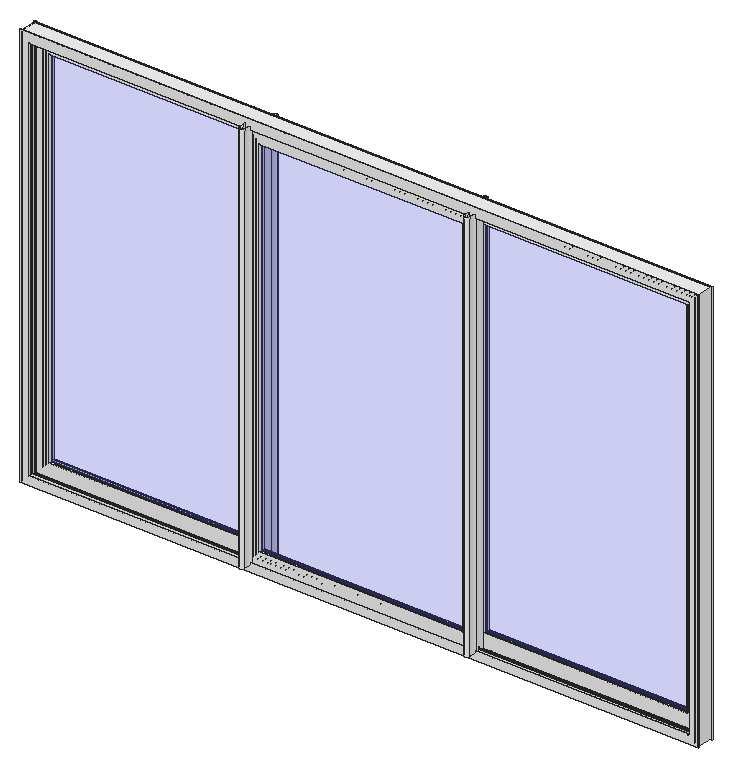
Revit family "1000_Sliding_Window_XOX_Standard", category Windows, host Wall, Revit 2014 (continued)
Types (121, lengths in mm): name | Windload Design | Width Sash Middle | Width Sash Side | Width | Standard Interlocker | Sash Width Middle | Sash Width Sides | Sash Height | Overall Width | Overall Height | Max Pane Area | Limit Sash Width Middle Max | Is Heavy Duty Mullion | Intruderprufe U Value | Intruderprufe SHGC Value | Intruderprufe LowE U Value | Intruderprufe LowE SHGC Value | Height Sash | Height | Heavy Duty Interlocker | Energy Advantage U Value | Energy Advantage SHGC Value | Custom Window Width | Custom Window Height | Custom Windload | Clearvue U Value | Clearvue SHGC Value | Area Middle Sash Glazing | Area Side Sash Glazing
  1000SW-1518XOX-1500Pa | 1500 | 316.633 | 316.683 | 1490 | no | 516.633 | 516.683 | 1732.6 | 890 | 590 | 0.679048 m² | 950.2 | 1 | 5.8 | 0.676 | 4.36 | 0.592 | 532.6 | 1790 | yes | 4.51 | 0.637 | 1490 | 1790 | 1500 | 6 | 0.712 | 0.678966 m² | 0.679048 m²
  1000SW-1518XOX-2000Pa | 2000 | 316.633 | 316.683 | 1490 | no | 516.633 | 516.683 | 1732.6 | 890 | 590 | 0.679048 m² | 950.2 | 1 | 5.8 | 0.676 | 4.36 | 0.592 | 532.6 | 1790 | yes | 4.51 | 0.637 | 1490 | 1790 | 2000 | 6 | 0.712 | 0.678966 m² | 0.679048 m²
  1000SW-1806XOX-1500Pa | 1500 | 819.967 | 820.017 | 1790 | yes | 616.633 | 616.683 | 532.6 | 2400 | 1200 | 0.222948 m² | 1250.2 | 0 | 6.13 | 0.547 | 4.98 | 0.476 | 1142.6 | 590 | no | 5.29 | 0.519 | 1790 | 590 | 1500 | 6.48 | 0.578 | 0.222926 m² | 0.222948 m²
  1000SW-1806XOX-2000Pa | 2000 | 819.967 | 820.017 | 1790 | yes | 616.633 | 616.683 | 532.6 | 2400 | 1200 | 0.222948 m² | 1250.2 | 0 | 6.13 | 0.547 | 4.98 | 0.476 | 1142.6 | 590 | no | 5.29 | 0.519 | 1790 | 590 | 2000 | 6.48 | 0.578 | 0.222926 m² | 0.222948 m²
  1000SW-1809XOX-1500Pa | 1500 | 316.633 | 316.683 | 1790 | yes | 616.633 | 616.683 | 832.6 | 890 | 590 | 0.377773 m² | 1250.2 | 0 | 5.97 | 0.616 | 4.64 | 0.538 | 532.6 | 890 | no | 4.87 | 0.583 | 1790 | 890 | 1500 | 6.25 | 0.65 | 0.377736 m² | 0.377773 m²
  1000SW-1809XOX-2000Pa | 2000 | 316.633 | 316.683 | 1790 | yes | 616.633 | 616.683 | 832.6 | 890 | 590 | 0.377773 m² | 1250.2 | 0 | 5.97 | 0.616 | 4.64 | 0.538 | 532.6 | 890 | no | 4.87 | 0.583 | 1790 | 890 | 2000 | 6.25 | 0.65 | 0.377736 m² | 0.377773 m²
  1000SW-1812XOX-1500Pa | 1500 | 316.633 | 316.683 | 1790 | yes | 616.633 | 616.683 | 1132.6 | 890 | 590 | 0.532598 m² | 1250.2 | 0 | 5.89 | 0.651 | 4.47 | 0.569 | 532.6 | 1190 | no | 4.66 | 0.615 | 1790 | 1190 | 1500 | 6.13 | 0.686 | 0.532546 m² | 0.532598 m²
  1000SW-1812XOX-2000Pa | 2000 | 316.633 | 316.683 | 1790 | yes | 616.633 | 616.683 | 1132.6 | 890 | 590 | 0.532598 m² | 1250.2 | 0 | 5.89 | 0.651 | 4.47 | 0.569 | 532.6 | 1190 | no | 4.66 | 0.615 | 1790 | 1190 | 2000 | 6.13 | 0.686 | 0.532546 m² | 0.532598 m²
  1000SW-1815XOX-1500Pa | 1500 | 316.633 | 316.683 | 1790 | yes | 616.633 | 616.683 | 1432.6 | 890 | 590 | 0.687423 m² | 1250.2 | 0 | 5.85 | 0.672 | 4.37 | 0.588 | 532.6 | 1490 | no | 4.53 | 0.634 | 1790 | 1490 | 1500 | 6.07 | 0.708 | 0.687356 m² | 0.687423 m²
  1000SW-1815XOX-2000Pa | 2000 | 316.633 | 316.683 | 1790 | no | 616.633 | 616.683 | 1432.6 | 890 | 590 | 0.687423 m² | 1250.2 | 1 | 5.85 | 0.672 | 4.37 | 0.588 | 532.6 | 1490 | yes | 4.53 | 0.634 | 1790 | 1490 | 2000 | 6.07 | 0.708 | 0.687356 m² | 0.687423 m²
  1000SW-1818XOX-1500Pa | 1500 | 316.633 | 316.683 | 1790 | no | 616.633 | 616.683 | 1732.6 | 890 | 590 | 0.842248 m² | 1250.2 | 1 | 5.82 | 0.685 | 4.3 | 0.6 | 532.6 | 1790 | yes | 4.45 | 0.646 | 1790 | 1790 | 1500 | 6.02 | 0.722 | 0.842166 m² | 0.842248 m²
  1000SW-1818XOX-2000Pa | 2000 | 316.633 | 316.683 | 1790 | no | 616.633 | 616.683 | 1732.6 | 890 | 590 | 0.842248 m² | 1250.2 | 1 | 5.82 | 0.685 | 4.3 | 0.6 | 532.6 | 1790 | yes | 4.45 | 0.646 | 1790 | 1790 | 2000 | 6.02 | 0.722 | 0.842166 m² | 0.842248 m²
  1000SW-2106XOX-1500Pa | 1500 | 819.967 | 820.017 | 2090 | yes | 716.633 | 716.683 | 532.6 | 2400 | 1200 | 0.266148 m² | 1500 | 0 | 6.15 | 0.552 | 4.96 | 0.481 | 1142.6 | 590 | no | 5.27 | 0.524 | 2090 | 590 | 1500 | 6.51 | 0.584 | 0.266126 m² | 0.266148 m²
  1000SW-2106XOX-2000Pa | 2000 | 819.967 | 820.017 | 2090 | yes | 716.633 | 716.683 | 532.6 | 2400 | 1200 | 0.266148 m² | 1500 | 0 | 6.15 | 0.552 | 4.96 | 0.481 | 1142.6 | 590 | no | 5.27 | 0.524 | 2090 | 590 | 2000 | 6.51 | 0.584 | 0.266126 m² | 0.266148 m²
  1000SW-2109XOX-1500Pa | 1500 | 316.633 | 316.683 | 2090 | yes | 716.633 | 716.683 | 832.6 | 890 | 590 | 0.450973 m² | 1500 | 0 | 5.99 | 0.622 | 4.61 | 0.543 | 532.6 | 890 | no | 4.84 | 0.589 | 2090 | 890 | 1500 | 6.27 | 0.657 | 0.450936 m² | 0.450973 m²
  1000SW-2109XOX-2000Pa | 2000 | 316.633 | 316.683 | 2090 | yes | 716.633 | 716.683 | 832.6 | 890 | 590 | 0.450973 m² | 1500 | 0 | 5.99 | 0.622 | 4.61 | 0.543 | 532.6 | 890 | no | 4.84 | 0.589 | 2090 | 890 | 2000 | 6.27 | 0.657 | 0.450936 m² | 0.450973 m²
  1000SW-2112XOX-1500Pa | 1500 | 716.633 | 716.683 | 2090 | yes | 716.633 | 716.683 | 1132.6 | 2090 | 1190 | 0.635798 m² | 1500 | 0 | 5.91 | 0.657 | 4.44 | 0.575 | 1132.6 | 1190 | no | 4.63 | 0.621 | 2090 | 1190 | 1500 | 6.15 | 0.693 | 0.635746 m² | 0.635798 m²
  1000SW-2112XOX-2000Pa | 2000 | 716.633 | 716.683 | 2090 | yes | 716.633 | 716.683 | 1132.6 | 2090 | 1190 | 0.635798 m² | 1500 | 0 | 5.91 | 0.657 | 4.44 | 0.575 | 1132.6 | 1190 | no | 4.63 | 0.621 | 2090 | 1190 | 2000 | 6.15 | 0.693 | 0.635746 m² | 0.635798 m²
  1000SW-2115XOX-1500Pa | 1500 | 316.633 | 316.683 | 2090 | no | 716.633 | 716.683 | 1432.6 | 890 | 590 | 0.820623 m² | 1500 | 1 | 5.86 | 0.678 | 4.33 | 0.593 | 532.6 | 1490 | yes | 4.5 | 0.64 | 2090 | 1490 | 1500 | 6.08 | 0.715 | 0.820556 m² | 0.820623 m²
  1000SW-2115XOX-2000Pa | 2000 | 316.633 | 316.683 | 2090 | no | 716.633 | 716.683 | 1432.6 | 890 | 590 | 0.820623 m² | 1500 | 1 | 5.86 | 0.678 | 4.33 | 0.593 | 532.6 | 1490 | yes | 4.5 | 0.64 | 2090 | 1490 | 2000 | 6.08 | 0.715 | 0.820556 m² | 0.820623 m²
  1000SW-2118XOX-1500Pa | 1500 | 316.633 | 316.683 | 2090 | no | 716.633 | 716.683 | 1732.6 | 890 | 590 | 1.00545 m² | 1500 | 1 | 5.83 | 0.692 | 4.27 | 0.606 | 532.6 | 1790 | yes | 4.41 | 0.653 | 2090 | 1790 | 1500 | 6.04 | 0.73 | 1.00537 m² | 1.00545 m²
  1000SW-2118XOX-2000Pa | 2000 | 316.633 | 316.683 | 2090 | no | 716.633 | 716.683 | 1732.6 | 890 | 590 | 1.00545 m² | 1500 | 1 | 5.83 | 0.692 | 4.27 | 0.606 | 532.6 | 1790 | yes | 4.41 | 0.653 | 2090 | 1790 | 2000 | 6.04 | 0.73 | 1.00537 m² | 1.00545 m²
  1000SW-2406XOX-1500Pa | 1500 | 819.967 | 820.017 | 2390 | yes | 816.633 | 816.683 | 532.6 | 2400 | 1200 | 0.309348 m² | 1500 | 0 | 6.16 | 0.556 | 4.95 | 0.484 | 1142.6 | 590 | no | 5.26 | 0.528 | 2390 | 590 | 1500 | 6.52 | 0.588 | 0.309326 m² | 0.309348 m²
  1000SW-2406XOX-2000Pa | 2000 | 819.967 | 820.017 | 2390 | yes | 816.633 | 816.683 | 532.6 | 2400 | 1200 | 0.309348 m² | 1500 | 0 | 6.16 | 0.556 | 4.95 | 0.484 | 1142.6 | 590 | no | 5.26 | 0.528 | 2390 | 590 | 2000 | 6.52 | 0.588 | 0.309326 m² | 0.309348 m²
  1000SW-2409XOX-1500Pa | 1500 | 316.633 | 316.683 | 2390 | yes | 816.633 | 816.683 | 832.6 | 890 | 590 | 0.524173 m² | 1500 | 0 | 6 | 0.627 | 4.59 | 0.547 | 532.6 | 890 | no | 4.82 | 0.593 | 2390 | 890 | 1500 | 6.28 | 0.662 | 0.524136 m² | 0.524173 m²
  1000SW-2409XOX-2000Pa | 2000 | 316.633 | 316.683 | 2390 | yes | 816.633 | 816.683 | 832.6 | 890 | 590 | 0.524173 m² | 1500 | 0 | 6 | 0.627 | 4.59 | 0.547 | 532.6 | 890 | no | 4.82 | 0.593 | 2390 | 890 | 2000 | 6.28 | 0.662 | 0.524136 m² | 0.524173 m²
  1000SW-2412XOX-1500Pa | 1500 | 316.633 | 316.683 | 2390 | yes | 816.633 | 816.683 | 1132.6 | 890 | 590 | 0.738998 m² | 1500 | 0 | 5.92 | 0.662 | 4.41 | 0.579 | 532.6 | 1190 | no | 4.6 | 0.625 | 2390 | 1190 | 1500 | 6.17 | 0.699 | 0.738946 m² | 0.738998 m²
  1000SW-2412XOX-2000Pa | 2000 | 316.633 | 316.683 | 2390 | yes | 816.633 | 816.683 | 1132.6 | 890 | 590 | 0.738998 m² | 1500 | 0 | 5.92 | 0.662 | 4.41 | 0.579 | 532.6 | 1190 | no | 4.6 | 0.625 | 2390 | 1190 | 2000 | 6.17 | 0.699 | 0.738946 m² | 0.738998 m²
  1000SW-2415XOX-1500Pa | 1500 | 316.633 | 316.683 | 2390 | no | 816.633 | 816.683 | 1432.6 | 890 | 590 | 0.953823 m² | 1500 | 1 | 5.87 | 0.683 | 4.31 | 0.597 | 532.6 | 1490 | yes | 4.47 | 0.645 | 2390 | 1490 | 1500 | 6.1 | 0.721 | 0.953756 m² | 0.953823 m²
  1000SW-2415XOX-2000Pa | 2000 | 316.633 | 316.683 | 2390 | no | 816.633 | 816.683 | 1432.6 | 890 | 590 | 0.953823 m² | 1500 | 1 | 5.87 | 0.683 | 4.31 | 0.597 | 532.6 | 1490 | yes | 4.47 | 0.645 | 2390 | 1490 | 2000 | 6.1 | 0.721 | 0.953756 m² | 0.953823 m²
  1000SW-2418XOX-1500Pa | 1500 | 316.633 | 316.683 | 2390 | no | 816.633 | 816.683 | 1732.6 | 890 | 590 | 1.16865 m² | 1500 | 1 | 5.84 | 0.697 | 4.24 | 0.61 | 532.6 | 1790 | yes | 4.39 | 0.658 | 2390 | 1790 | 1500 | 6.05 | 0.735 | 1.16857 m² | 1.16865 m²
  1000SW-2418XOX-2000Pa | 2000 | 316.633 | 316.683 | 2390 | no | 816.633 | 816.683 | 1732.6 | 890 | 590 | 1.16865 m² | 1500 | 1 | 5.84 | 0.697 | 4.24 | 0.61 | 532.6 | 1790 | yes | 4.39 | 0.658 | 2390 | 1790 | 2000 | 6.05 | 0.735 | 1.16857 m² | 1.16865 m²
  1000SW-2706XOX-1500Pa | 1500 | 819.967 | 820.017 | 2690 | yes | 916.633 | 916.683 | 532.6 | 2400 | 1200 | 0.352548 m² | 1500 | 0 | 6.17 | 0.559 | 4.94 | 0.487 | 1142.6 | 590 | no | 5.25 | 0.531 | 2690 | 590 | 1500 | 6.54 | 0.592 | 0.352526 m² | 0.352548 m²
  1000SW-2706XOX-2000Pa | 2000 | 819.967 | 820.017 | 2690 | yes | 916.633 | 916.683 | 532.6 | 2400 | 1200 | 0.352548 m² | 1500 | 0 | 6.17 | 0.559 | 4.94 | 0.487 | 1142.6 | 590 | no | 5.25 | 0.531 | 2690 | 590 | 2000 | 6.54 | 0.592 | 0.352526 m² | 0.352548 m²
  1000SW-2709XOX-1500Pa | 1500 | 316.633 | 316.683 | 2690 | yes | 916.633 | 916.683 | 832.6 | 890 | 590 | 0.597373 m² | 1500 | 0 | 6.01 | 0.631 | 4.57 | 0.55 | 532.6 | 890 | no | 4.8 | 0.597 | 2690 | 890 | 1500 | 6.3 | 0.666 | 0.597336 m² | 0.597373 m²
  1000SW-2709XOX-2000Pa | 2000 | 316.633 | 316.683 | 2690 | yes | 916.633 | 916.683 | 832.6 | 890 | 590 | 0.597373 m² | 1500 | 0 | 6.01 | 0.631 | 4.57 | 0.55 | 532.6 | 890 | no | 4.8 | 0.597 | 2690 | 890 | 2000 | 6.3 | 0.666 | 0.597336 m² | 0.597373 m²
  1000SW-2712XOX-1500Pa | 1500 | 316.633 | 316.683 | 2690 | yes | 916.633 | 916.683 | 1132.6 | 890 | 590 | 0.842198 m² | 1500 | 0 | 5.93 | 0.666 | 4.39 | 0.582 | 532.6 | 1190 | no | 4.58 | 0.629 | 2690 | 1190 | 1500 | 6.18 | 0.703 | 0.842146 m² | 0.842198 m²
  1000SW-2712XOX-2000Pa | 2000 | 316.633 | 316.683 | 2690 | yes | 916.633 | 916.683 | 1132.6 | 890 | 590 | 0.842198 m² | 1500 | 0 | 5.93 | 0.666 | 4.39 | 0.582 | 532.6 | 1190 | no | 4.58 | 0.629 | 2690 | 1190 | 2000 | 6.18 | 0.703 | 0.842146 m² | 0.842198 m²
  1000SW-2715XOX-1500Pa | 1500 | 316.633 | 316.683 | 2690 | no | 916.633 | 916.683 | 1432.6 | 890 | 590 | 1.08702 m² | 1500 | 1 | 5.88 | 0.687 | 4.29 | 0.601 | 532.6 | 1490 | yes | 4.45 | 0.648 | 2690 | 1490 | 1500 | 6.11 | 0.725 | 1.08696 m² | 1.08702 m²
  1000SW-2715XOX-2000Pa | 2000 | 316.633 | 316.683 | 2690 | no | 916.633 | 916.683 | 1432.6 | 890 | 590 | 1.08702 m² | 1500 | 1 | 5.88 | 0.687 | 4.29 | 0.601 | 532.6 | 1490 | yes | 4.45 | 0.648 | 2690 | 1490 | 2000 | 6.11 | 0.725 | 1.08696 m² | 1.08702 m²
  1000SW-2718XOX-1500Pa | 1500 | 316.633 | 316.683 | 2690 | no | 916.633 | 916.683 | 1732.6 | 890 | 590 | 1.33185 m² | 1500 | 1 | 5.85 | 0.701 | 4.21 | 0.613 | 532.6 | 1790 | yes | 4.36 | 0.661 | 2690 | 1790 | 1500 | 6.06 | 0.74 | 1.33177 m² | 1.33185 m²
  1000SW-2718XOX-2000Pa | 2000 | 316.633 | 316.683 | 2690 | no | 916.633 | 916.683 | 1732.6 | 890 | 590 | 1.33185 m² | 1500 | 1 | 5.85 | 0.701 | 4.21 | 0.613 | 532.6 | 1790 | yes | 4.36 | 0.661 | 2690 | 1790 | 2000 | 6.06 | 0.74 | 1.33177 m² | 1.33185 m²
  1000SW-3006XOX-1500Pa | 1500 | 819.967 | 820.017 | 2990 | yes | 1016.633 | 1016.683 | 532.6 | 2400 | 1200 | 0.395748 m² | 1500 | 0 | 6.18 | 0.562 | 4.93 | 0.489 | 1142.6 | 590 | no | 5.24 | 0.533 | 2990 | 590 | 1500 | 6.55 | 0.595 | 0.395726 m² | 0.395748 m²
  1000SW-3006XOX-2000Pa | 2000 | 819.967 | 820.017 | 2990 | yes | 1016.633 | 1016.683 | 532.6 | 2400 | 1200 | 0.395748 m² | 1500 | 0 | 6.18 | 0.562 | 4.93 | 0.489 | 1142.6 | 590 | no | 5.24 | 0.533 | 2990 | 590 | 2000 | 6.55 | 0.595 | 0.395726 m² | 0.395748 m²
  1000SW-3009XOX-1500Pa | 1500 | 316.633 | 316.683 | 2990 | yes | 1016.633 | 1016.683 | 832.6 | 890 | 590 | 0.670573 m² | 1500 | 0 | 6.02 | 0.634 | 4.56 | 0.553 | 532.6 | 890 | no | 4.79 | 0.599 | 2990 | 890 | 1500 | 6.31 | 0.669 | 0.670536 m² | 0.670573 m²
  1000SW-3009XOX-2000Pa | 2000 | 316.633 | 316.683 | 2990 | yes | 1016.633 | 1016.683 | 832.6 | 890 | 590 | 0.670573 m² | 1500 | 0 | 6.02 | 0.634 | 4.56 | 0.553 | 532.6 | 890 | no | 4.79 | 0.599 | 2990 | 890 | 2000 | 6.31 | 0.669 | 0.670536 m² | 0.670573 m²
  1000SW-3012XOX-1500Pa | 1500 | 316.633 | 316.683 | 2990 | yes | 1016.633 | 1016.683 | 1132.6 | 890 | 590 | 0.945398 m² | 1500 | 0 | 5.94 | 0.669 | 4.38 | 0.584 | 532.6 | 1190 | no | 4.57 | 0.632 | 2990 | 1190 | 1500 | 6.19 | 0.706 | 0.945346 m² | 0.945398 m²
  1000SW-3012XOX-2000Pa | 2000 | 316.633 | 316.683 | 2990 | yes | 1016.633 | 1016.683 | 1132.6 | 890 | 590 | 0.945398 m² | 1500 | 0 | 5.94 | 0.669 | 4.38 | 0.584 | 532.6 | 1190 | no | 4.57 | 0.632 | 2990 | 1190 | 2000 | 6.19 | 0.706 | 0.945346 m² | 0.945398 m²
  1000SW-3015XOX-1500Pa | 1500 | 316.633 | 316.683 | 2990 | no | 1016.633 | 1016.683 | 1432.6 | 890 | 590 | 1.22022 m² | 1500 | 1 | 5.89 | 0.69 | 4.207 | 0.603 | 532.6 | 1490 | yes | 4.44 | 0.651 | 2990 | 1490 | 1500 | 6.11 | 0.728 | 1.22016 m² | 1.22022 m²
  1000SW-3015XOX-2000Pa | 2000 | 316.633 | 316.683 | 2990 | no | 1016.633 | 1016.683 | 1432.6 | 890 | 590 | 1.22022 m² | 1500 | 1 | 5.89 | 0.69 | 4.207 | 0.603 | 532.6 | 1490 | yes | 4.44 | 0.651 | 2990 | 1490 | 2000 | 6.11 | 0.728 | 1.22016 m² | 1.22022 m²
  1000SW-3018XOX-1500Pa | 1500 | 1016.633 | 1016.683 | 2990 | no | 1016.633 | 1016.683 | 1732.6 | 2990 | 1790 | 1.49505 m² | 1500 | 1 | 5.86 | 0.704 | 4.2 | 0.616 | 1732.6 | 1790 | yes | 4.35 | 0.664 | 2990 | 1790 | 1500 | 6.07 | 0.743 | 1.49497 m² | 1.49505 m²
  1000SW-3018XOX-2000Pa | 2000 | 1016.633 | 1016.683 | 2990 | no | 1016.633 | 1016.683 | 1732.6 | 2990 | 1790 | 1.49505 m² | 1500 | 1 | 5.86 | 0.704 | 4.2 | 0.616 | 1732.6 | 1790 | yes | 4.35 | 0.664 | 2990 | 1790 | 2000 | 6.07 | 0.743 | 1.49497 m² | 1.49505 m²
